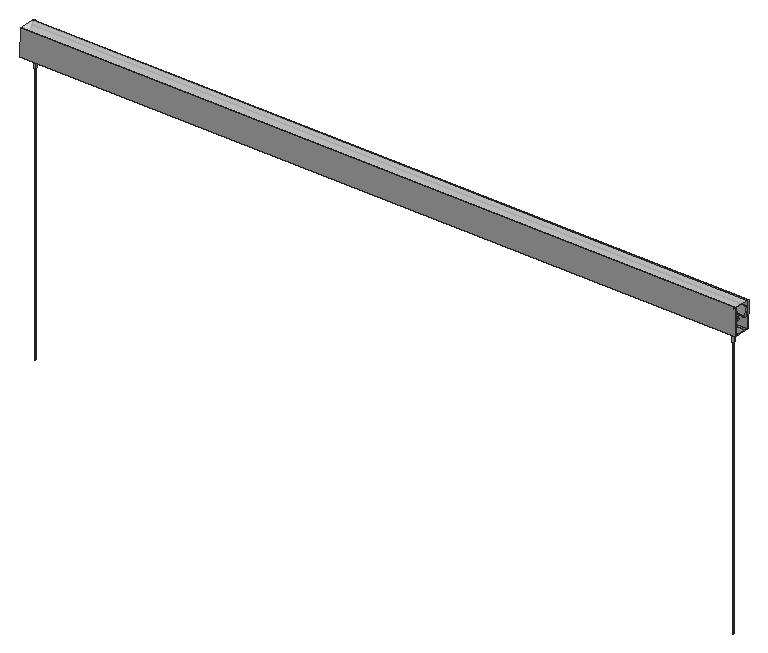
Revit family "2059335 Sylvania Lighting Fixture MC2 D I 2-4M 4K DALIEM WHT OPAL", category Lighting Fixtures, host Face, Revit 2016
Family settings
  Host = Face
  Part Type = Normal
  Round Connector Dimension = Use Diameter
  OmniClass Number = 23.80.70.11.17
  OmniClass Title = Specialized Lighting by Location or Use
  Cut with Voids When Loaded = No
  Light Source = Yes
  Shared = No
  Room Calculation Point = No
Parameters (values of type "2059335 MC2 D/I 2.4M 4K DALIEM WHT OPAL Emergency mode")
  Width_SYL = 54.0 mm
  Weight = "6.3 kg"
  Wattage = 67 W
  WarrantyStartDate [instance] = "n/a"
  WarrantyGuarantorParts = "n/a"
  WarrantyDurationUnit = "n/a"
  WarrantyDurationParts = "n/a"
  WarrantyDescription = "n/a"
  built-in parameter 1150110 = 1 (stored number, unit not read)
  Voltage = 0 V
  URL = "http://www.sylvania-lighting.com"
  TypeName = "MC2 D/I 2.4M 4K DALIEM WHT OPAL Emergency mode"
  built-in parameter 1114217 = 1 (stored number, unit not read)
  Tilt Angle = -90.00°
  built-in parameter 1150109 = 1 (stored number, unit not read)
  built-in parameter 1150134 = 12
  built-in parameter 1150113 = 1 (stored number, unit not read)
  SerialNumber [instance] = "n/a"
  PowerFactor = 0.95
  PowerConsumption = "67 W"
  NominalWidth = 0.0 mm
  NominalLength = 2400.0 mm
  NominalHeight = 86.0 mm
  Name = "MC2 D/I 2.4M 4K DALIEM WHT OPAL Emergency mode"
  ModelReference = "MC2 D/I 2.4M 4K DALIEM WHT OPAL"
  ModelNumber = "2059335"
  Material_3_SYL = Metal_Sylvania_Mini Contiuum II_Silver
  Photometric Web File = "2059335EM.ies"
  Material_4_SYL = Metal_Sylvania_Mini Contiuum II_Silver
  MountingHeight_SYL [instance] = 1000.0 mm
  Material = "aluminium housing, polycarbonate diffuser"
  ManufacturerName = "Feilo Sylvania"
  LuminousEfficacy = "1.805 lm/W"
  LuminaireType = ""
  LightOutputRatio = "100"
  Length_SYL = 2400.0 mm
  LampsType = Lamp  # "LED"
  LampNominalLuminous = "121 lm"
  LampMacAdamStep = "3"
  LampColourTemperature = "4000 K"
  LampColourRenderingIndex = "80"
  Keynote = "16500"
  InstallationDate [instance] = "n/a"
  InputVoltage = "n/a"
  InputNominalFrequency = "n/a"
  IngressProtection = "IP20"
  ImpactProtectionIndex = "n/a"
  IfcExportType = "IfcLightFixtureType"
  IfcExportAs = "IfcLightFixtureType"
  Height_SYL = 86.0 mm
  ExpectedLife = 50000
  EndCapRight_SYL [instance] = no
  EndCapLeft_SYL [instance] = no
  Emit from Rectangle Width = Width_SYL - 2.0 mm  # 52.0 mm
  Emit from Rectangle Length = Length_SYL  # 2400.0 mm
  Emit Shape Visible in Rendering = no
  ElectricShockClassification = "Class I"
  DurationUnit = "hours"
  DocumentationLiterature = "http://www.sylvania-lighting.com/product/en-int/products/2059335"
  DimmingControlOptions = "n/a"
  CreatedOn = "10/15/2018"
  CreatedBy = "@sylvania-lighting.com"
  built-in parameter 1114216 [instance] = 1 (stored number, unit not read)
  Model = "MC2 D/I 2.4M 4K DALIEM WHT OPAL"
  Manufacturer = "Feilo Sylvania"
  built-in parameter 1150105 = 9.6289 (stored number, unit not read)
  Lumens = 121 lm
  built-in parameter 1150115 = 1 (stored number, unit not read)
  built-in parameter 1150137 = (empty or 0)
  built-in parameter 1150139 = (empty or 0)
  built-in parameter 1150112 = 1 (stored number, unit not read)
  built-in parameter 1150114 = 1 (stored number, unit not read)
  Lamp = "LED"
  built-in parameter 1150132 = 2
  built-in parameter 1150102 = (empty or 0)
  built-in parameter 1150107 = 4000 (stored number, unit not read)
  built-in parameter 1150138 = (empty or 0)
  built-in parameter 1150106 = 0.096289 (stored number, unit not read)
  Material_1_SYL = Metal_Sylvania_Mini Continuum II_White
  built-in parameter 1150104 = 0.16778 (stored number, unit not read)
  Dimming Lamp Color Temperature Shift = <None>
  Material_2_SYL = Polycarbonate_Sylvania_Mini Continuum II_Opal_4000K
  Description = "2059335   MC2 D/I 2.4M 4K DALIEM WHT OPAL  Continuous lines of LED light, white RAL 9016, direct/indirect distribution (65/35), various accessories available, compact and minimalist design based on the Golden Mean, ideal for offices, meeting rooms, corridors, education facilities, museums and libraries, extruded aluminium body, diffuser: opal, colour temperature: 4000K neutral white, total system power: 67W, total fixture output: 7666lm, luminaire efficacy: 114lm/W, LOR: 100%, colour rendering: Ra >80, LED Chromacity: 1 step MacAdam ellipse, lifetime: 60,000 hours at 90% of the original output (L90), energy class: A++, A+, A, IR/UV free light source without heat radiation, operating voltage: 220-240V / 50-60Hz, drive current: (Direct) 800mA + (Indirect) 350mA, electronic driver, DALI dimmable, direct/indirect independently addressable, integral emergency: 3 hour maintained, electrical protection: CLASS I, ingress protection rating: IP20, suitable for internal environment only."
  Default Elevation = 0.0 mm
  Color Filter = 16777215
  built-in parameter 1140040 [instance] = 1
  BarCode [instance] = "n/a"
  built-in parameter 1114218 = 1 (stored number, unit not read)
  built-in parameter 1150133 = 10 (stored number, unit not read)
  AssetType = "Fixed"
  AssetIdentifier [instance] = "n/a"
  Assembly Code = "D5020200"
  Apparent Load = 67 VA
Types (2, lengths in mm): name | TypeName | Name | Photometric Web File | LuminousEfficacy | LampNominalLuminous | built-in parameter 1150105 | Lumens | built-in parameter 1150106 | built-in parameter 1150104
  2059335 MC2 D/I 2.4M 4K DALIEM WHT OPAL Emergency mode | "MC2 D/I 2.4M 4K DALIEM WHT OPAL Emergency mode" | "MC2 D/I 2.4M 4K DALIEM WHT OPAL Emergency mode" | "2059335EM.ies" | "1.805 lm/W" | "121 lm" | 9.6289 (stored number, unit not read) | 121 lm | 0.096289 (stored number, unit not read) | 0.16778 (stored number, unit not read)
  2059335 MC2 D/I 2.4M 4K DALIEM WHT OPAL | "MC2 D/I 2.4M 4K DALIEM WHT OPAL" | "MC2 D/I 2.4M 4K DALIEM WHT OPAL" | "2059335.ies" | "120 lm/W" | "8064 lm" | 639.8 (stored number, unit not read) | 8040 lm | 6.398 (stored number, unit not read) | 11.148 (stored number, unit not read)
Reference planes
  plane 1 "Center (Front/Back)": y = 0
  plane 2 "Bottom Fixtures": z = 0
  plane 3 "Center (Left/Right)": x = 0
  plane 4 "Fixture Left": x = -1200
  plane 5 "Fixture Right": x = 1200
  plane 6 "Fixture Bottom": z = 1000
  plane 7: z = 998
  plane 8: z = 996
  plane 9: z = 986.951
  plane 10: z = 956.951
  plane 11 "Fixture Top": z = 914
  plane 12 "Mounting Right": x = 1172
  plane 13 "Mounting Left": x = -1172
  plane 14: z = 879
  plane 15: y = 27
  plane 16: y = -27
  plane 17: y = -26
  plane 18: y = -25
  plane 19: y = 26
  plane 20: y = 25
  plane 21: y = 11
  plane 22: y = -11
  plane 23: y = 24
  plane 24: y = 22
  plane 25: y = -22
  plane 26: y = 15
  plane 27: y = -15
  plane 28 "Upper Diffuser Left": x = -1050
  plane 29 "Upper Diffuser Right": x = 1050
  plane 30: x = -1202
  plane 31: x = 1202
Forms (mm)
  Extrusion 1, solid, material "Metal_Sylvania_Mini Continuum II_White" <- "Material_1_SYL", detail levels fine
    sketch origin (0, 0, 520) x (0, 1, 0) y (0, 0, 1)
      loop
        line (27, 480) -> (26, 480) -> (26, 478) -> (25, 478) -> (25, 396) -> (13, 396) -> (13, 398) -> (-13, 398) -> (-13, 396) -> (-25, 396) -> (-25, 478) -> (-26, 478) -> (-26, 480) -> (-27, 480) -> (-27, 394) -> (-11, 394) -> (-11, 396) -> (11, 396) -> (11, 394) -> (27, 394) -> (27, 480)
    from -1200 to 1200
  Extrusion 2, solid, material "Polycarbonate_Sylvania_Mini Continuum II_Opal_4000K" <- "Material_2_SYL", detail levels fine
    sketch origin (0, 0, 520) x (0, 1, 0) y (0, 0, 1)
      loop
        line (-26, 480) -> (-26, 478) -> (26, 478) -> (26, 480) -> (-26, 480)
    from -1200 to 1200
  Extrusion 3, solid, material "Metal_Sylvania_Mini Contiuum II_Silver" <- "Material_3_SYL", detail levels fine
    sketch origin (0, 0, 520) x (0, 1, 0) y (0, 0, 1)
      loop
        line (22, 466.951) -> (20.973, 466.951) -> (14.206, 437.951) -> (11, 437.951) -> (11, 436.951) -> (15, 436.951) -> (22, 466.951)
      loop
        line (-15, 436.951) -> (-11, 436.951) -> (-11, 437.951) -> (-14.206, 437.951) -> (-20.973, 466.951) -> (-22, 466.951) -> (-15, 436.951)
    from -1200 to 1200
  Extrusion 4, solid, material "Metal_Sylvania_Mini Continuum II_White" <- "Material_1_SYL", detail levels coarse+medium
    sketch origin (0, 0, 520) x (0, 1, 0) y (0, 0, 1)
      loop
        line (-27, 480) -> (-27, 394) -> (27, 394) -> (27, 480) -> (-27, 480)
    from -1200 to 1200
  Extrusion 5, solid, material "Metal_Sylvania_Mini Contiuum II_Silver" <- "Material_4_SYL", detail levels fine
    sketch origin (0, 0, -86) x (-1, 0, 0) y (0, -1, 0)
      loop
        circle (1172, 0) r 4
      loop
        circle (-1172, 0) r 4
    from 965 to 1002
  Extrusion 6, solid, material "Metal_Sylvania_Mini Contiuum II_Silver" <- "Material_4_SYL", detail levels fine
    sketch origin (0, 0, -86) x (-1, 0, 0) y (0, -1, 0)
      loop
        circle (-1172, 0) r 1
      loop
        circle (1172, 0) r 1
    from 86 to 965
  Extrusion 7, solid, material "Polycarbonate_Sylvania_Mini Continuum II_Opal_4000K" <- "Material_2_SYL", detail levels fine
    sketch origin (0, 0, 0) x (0, 1, 0) y (0, 0, 1)
      loop
        arc (11, 916) -> (5.59, 914.504) -> (0, 914) r 31.25
        arc (0, 914) -> (-5.59, 914.504) -> (-11, 916) r 31.25
        line (-11, 916) -> (-11, 914.934)
        arc (-11, 914.934) -> (-5.584, 913.487) -> (0, 913) r 32.25
        arc (0, 913) -> (5.584, 913.487) -> (11, 914.934) r 32.25
        line (11, 914.934) -> (11, 916)
    from -1050 to 1050
  Extrusion 8, void
    sketch origin (0, 0, 0) x (0, 1, 0) y (0, 0, 1)
      loop
        line (11, 918) -> (-11, 918) -> (-11, 916) -> (11, 916) -> (11, 918)
    from -1050 to 1050
  Extrusion 9, solid, material "Metal_Sylvania_Mini Continuum II_White" <- "Material_1_SYL", visible <- "EndCapLeft_SYL"
    sketch origin (-1200, 171.684, 1219.2) x (0, 1, 0) y (0, 0, 1)
      loop
        line (-198.684, -305.2) -> (-144.684, -305.2) -> (-144.684, -219.2) -> (-198.684, -219.2) -> (-198.684, -305.2)
    from 0 to -2
  Extrusion 10, solid, material "Metal_Sylvania_Mini Continuum II_White" <- "Material_1_SYL", visible <- "EndCapRight_SYL"
    sketch origin (1200, 171.684, 1219.2) x (0, 1, 0) y (0, 0, -1)
      loop
        line (-144.684, 219.2) -> (-144.684, 305.2) -> (-198.684, 305.2) -> (-198.684, 219.2) -> (-144.684, 219.2)
    from 0 to -2
Cuts and joins
  Extrusion 8 cuts Extrusion 1
Lines and regions (mm)
  Masking region 1
    outline origin (0, 0, -86) x (-1, 0, 0) y (0, -1, 0)
      loop
        line (1200, -27) -> (1200, 27) -> (-1200, 27) -> (-1200, -27) -> (1200, -27)
  symbolic lines, detail levels fine
    curve 1: line (-1200, 26, -86) -> (1200, 26, -86)
    curve 2: line (-1200, -26, -86) -> (1200, -26, -86)
  model lines, detail levels coarse+medium
    curve 3: line (-1172, 0, 914) -> (-1172, 0, 0)
    curve 4: line (1172, 0, 914) -> (1172, 0, 0)
Dimensions and locks
  host sketch curve to plane 3 "Center (Left/Right)" to host sketch curve = 820.0 mm, 775.047 mm
  equal spacing: plane 4 "Fixture Left", plane 3 "Center (Left/Right)", plane 5 "Fixture Right"
  "Length_SYL": plane 4 "Fixture Left" to plane 5 "Fixture Right"
  plane 6 "Fixture Bottom" to plane 7 to plane 8 to plane 9 to plane 10 = 2.0 mm locked, 2.0 mm locked, 9.049 mm locked, 30.0 mm locked
  locked: Extrusion 1 sketch curve to Extrusion 1 sketch curve at 2
  locked: Extrusion 1 sketch curve to plane 11 "Fixture Top" at 2
  "Height_SYL": plane 6 "Fixture Bottom" to plane 11 "Fixture Top"
  locked: plane 12 "Mounting Right" to plane 5 "Fixture Right" at 28
  locked: plane 4 "Fixture Left" to plane 13 "Mounting Left" at 28
  locked: plane 11 "Fixture Top" to plane 14 at 35
  "MountingHeight_SYL": plane 6 "Fixture Bottom" to plane 2 "Bottom Fixtures"
  equal spacing: plane 15, plane 1 "Center (Front/Back)", plane 16
  "Width_SYL": plane 15 to plane 16
  plane 22 to plane 27 to plane 25 to plane 18 to plane 17 to plane 16 = 4.0 mm locked, 7.0 mm locked, 3.0 mm locked, 1.0 mm locked, 1.0 mm locked
  plane 15 to plane 19 to plane 20 to plane 23 to plane 24 to plane 26 to plane 21 = 1.0 mm locked, 1.0 mm locked, 1.0 mm locked, 2.0 mm locked, 7.0 mm locked, 4.0 mm locked
  locked: plane 4 "Fixture Left" to plane 28 "Upper Diffuser Left" at 150
  locked: plane 29 "Upper Diffuser Right" to plane 5 "Fixture Right" at 150
  equal spacing: plane 30, plane 3 "Center (Left/Right)", plane 31
  locked: plane 30 to plane 4 "Fixture Left" at 2
  aligned and locked: plane 2 "Bottom Fixtures" to host face
  aligned and locked: level to host face
  aligned and locked: plane 5 "Fixture Right" to curve 1
  aligned and locked: plane 4 "Fixture Left" to curve 1
  aligned and locked: plane 4 "Fixture Left" to curve 2
  aligned and locked: plane 5 "Fixture Right" to curve 2
  aligned and locked: Extrusion 1 sketch curve to plane 7
  aligned and locked: plane 6 "Fixture Bottom" to Extrusion 1 sketch curve  (x2)
  aligned and locked: plane 7 to Extrusion 1 sketch curve
  aligned and locked: Extrusion 1 to Extrusion 2 sketch curve
  aligned and locked: Extrusion 2 sketch curve to Extrusion 1  (x3)
  aligned and locked: Extrusion 3 sketch curve to plane 10
  aligned and locked: plane 9 to Extrusion 3 sketch curve
  aligned and locked: Extrusion 3 sketch curve to plane 9
  aligned and locked: Extrusion 4 sketch curve to plane 6 "Fixture Bottom"
  aligned and locked: Extrusion 4 to plane 4 "Fixture Left"
  aligned and locked: Extrusion 2 to plane 4 "Fixture Left"
  aligned and locked: Extrusion 3 to plane 4 "Fixture Left"
  aligned and locked: Extrusion 1 to plane 4 "Fixture Left"
  aligned and locked: Extrusion 4 to plane 5 "Fixture Right"
  aligned and locked: Extrusion 2 to plane 5 "Fixture Right"
  aligned and locked: Extrusion 3 to plane 5 "Fixture Right"
  aligned and locked: Extrusion 1 to plane 5 "Fixture Right"
  aligned and locked: plane 11 "Fixture Top" to Extrusion 4 sketch curve
  aligned and locked: Extrusion 1 sketch curve to plane 11 "Fixture Top"  (x2)
  aligned and locked: Extrusion 1 sketch curve to Extrusion 1 sketch curve
  aligned and locked: plane 6 "Fixture Bottom" to imposter light
  aligned and locked: plane 11 "Fixture Top" to curve 3
  aligned and locked: plane 2 "Bottom Fixtures" to curve 3
  aligned and locked: plane 11 "Fixture Top" to curve 4
  aligned and locked: plane 2 "Bottom Fixtures" to curve 4
  aligned and locked: curve 4 to plane 12 "Mounting Right"
  aligned and locked: curve 3 to plane 13 "Mounting Left"
  aligned and locked: Extrusion 5 to Extrusion 1
  aligned and locked: Extrusion 5 to plane 14
  aligned and locked: plane 14 to Extrusion 6
  aligned and locked: Extrusion 6 to level
  aligned and locked: plane 11 "Fixture Top" to Extrusion 7 sketch curve
  aligned and locked: Extrusion 7 to plane 28 "Upper Diffuser Left"
  aligned and locked: Extrusion 7 to plane 29 "Upper Diffuser Right"
  aligned and locked: plane 21 to Extrusion 3 sketch curve
  aligned and locked: Extrusion 3 sketch curve to plane 22
  aligned and locked: Extrusion 8 sketch curve to plane 21
  aligned and locked: Extrusion 8 sketch curve to plane 22
  aligned and locked: Extrusion 8 sketch curve to Extrusion 1  (x2)
  aligned and locked: Extrusion 8 to Extrusion 7  (x2)
  aligned and locked: plane 21 to Extrusion 7 sketch curve
  aligned and locked: plane 1 "Center (Front/Back)" to Extrusion 7 sketch curve
  aligned and locked: plane 22 to Extrusion 7 sketch curve
  aligned and locked: Extrusion 9 sketch curve to Extrusion 4  (x4)
  aligned and locked: Extrusion 9 to plane 30
  aligned and locked: plane 4 "Fixture Left" to Extrusion 9
  aligned and locked: Extrusion 10 sketch curve to Extrusion 4  (x4)
  aligned and locked: plane 31 to Extrusion 10
  aligned and locked: plane 5 "Fixture Right" to Extrusion 10
Automatic sketch dimensions
  host sketch curve to host sketch curve = 1047.463 mm
  plane 19 to curve 1 = 0.0 mm
  curve 2 to plane 17 = 0.0 mm
  Masking region 1 sketch curve to plane 5 "Fixture Right" = 0.0 mm
  Masking region 1 sketch curve to plane 4 "Fixture Left" = 0.0 mm
  plane 15 to Masking region 1 sketch curve = 0.0 mm
  Masking region 1 sketch curve to plane 16 = 0.0 mm
  Extrusion 1 sketch curve to plane 16 = 0.0 mm
  Extrusion 1 sketch curve to plane 17 = 0.0 mm
  Extrusion 1 sketch curve to plane 18 = 0.0 mm
  Extrusion 1 sketch curve to plane 22 = 0.0 mm
  Extrusion 1 sketch curve to plane 21 = 0.0 mm
  Extrusion 1 sketch curve to plane 20 = 0.0 mm
  Extrusion 1 sketch curve to plane 19 = 0.0 mm
  Extrusion 1 sketch curve to plane 15 = 0.0 mm
  plane 11 "Fixture Top" to Extrusion 1 sketch curve = 2.0 mm
  Extrusion 1 sketch curve to plane 22 = 2.0 mm
  Extrusion 1 sketch curve to plane 21 = 2.0 mm
  Extrusion 3 sketch curve to plane 25 = 0.0 mm
  Extrusion 3 sketch curve to plane 27 = 0.0 mm
  Extrusion 3 sketch curve to plane 26 = 0.0 mm
  Extrusion 3 sketch curve to plane 24 = 0.0 mm
  plane 10 to Extrusion 3 sketch curve = 1.0 mm
  Extrusion 3 sketch curve to Extrusion 3 sketch curve = 1.027 mm
  plane 27 to Extrusion 3 sketch curve = 0.794 mm
  plane 26 to Extrusion 3 sketch curve = 0.794 mm
  plane 24 to Extrusion 3 sketch curve = 1.027 mm
  Extrusion 4 sketch curve to plane 16 = 0.0 mm
  Extrusion 4 sketch curve to plane 15 = 0.0 mm
  plane 1 "Center (Front/Back)" to Extrusion 5 sketch curve = 0.0 mm  (x2)
  Extrusion 5 sketch curve to plane 12 "Mounting Right" = 0.0 mm
  Extrusion 5 sketch curve to plane 13 "Mounting Left" = 0.0 mm
  plane 1 "Center (Front/Back)" to Extrusion 6 sketch curve = 0.0 mm  (x2)
  Extrusion 6 sketch curve to plane 12 "Mounting Right" = 0.0 mm
  Extrusion 6 sketch curve to plane 13 "Mounting Left" = 0.0 mm
  Extrusion 7 sketch curve to Extrusion 7 sketch curve = 0.0 mm  (x4)
  plane 11 "Fixture Top" to Extrusion 7 sketch curve = 0.934 mm
  Extrusion 3 sketch curve to Extrusion 3 sketch curve = 0.0 mm
  Extrusion 3 sketch curve to plane 10 = 0.0 mm
  plane 11 "Fixture Top" to Extrusion 7 sketch curve = 2.0 mm
  radius of Extrusion 5 sketch curve = 4.0 mm  (x2)
  radius of Extrusion 6 sketch curve = 1.0 mm  (x2)
Connectors
  electrical at (1200, 0, 949), driven by "Apparent Load"
    settings: on Extrusion 1, index 1, voltage 230 V, apparent load 0 VA, apparent load phase1 67 VA, apparent load phase2 0 VA, apparent load phase3 0 VA, power factor 1, load classification "Lighting", number of poles 1, system type 31, power factor state 1, is connector primary yes, connector utility no, sub classification motor no, connector description ""
